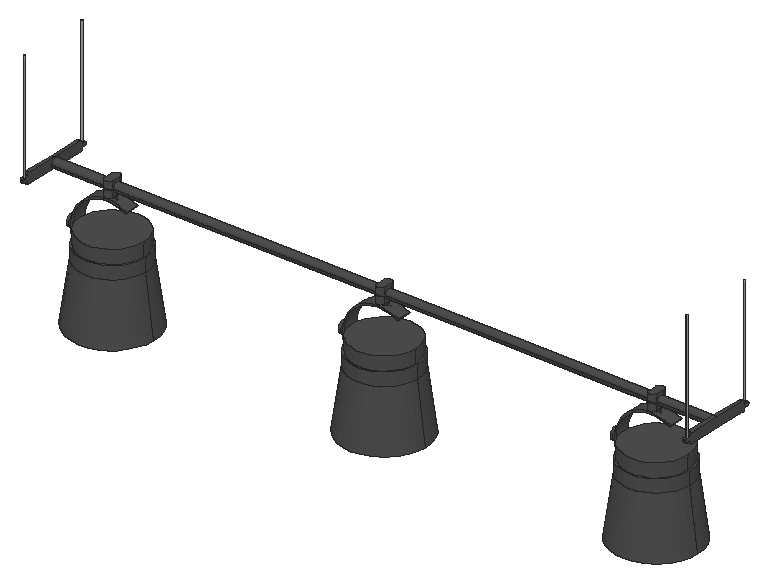
Revit family "Lighting_Pendants_Zero_Ginza_Horizontal_Pendant", category Lighting Fixtures, Revit 2020 (continued)
Definition of nested family "Ginza.light2"
  Parameters (values of type "Ginza.light2")
    Default Elevation = 0 mm
    Color Filter = 16777215
    built-in parameter 1114218 = 1 (stored number, unit not read)
    built-in parameter 1150133 = 10 (stored number, unit not read)
  Reference planes
    plane 1 "Light Source Axis (F/B)": y = 0
    plane 2: z = 0
    plane 3 "Light Source Axis (L/R)": x = 118.014
    plane 4 "Light Source Elevation": z = 1
    plane 5: z = 118.988
    plane 6: z = 224.976
  Forms (mm)
    Revolve 1, solid, material <- "SecondaryMaterial"
      sketch origin (117.989, 0.443, 243) x (0, -1, 0) y (0, 0, 1)
        loop
          line (-7.221, -40.784) -> (0.468, -40.784) -> (0.468, -31.024) -> (-5.995, -31.024) -> (-5.995, -37.196) -> (-10.809, -37.196) -> (-7.221, -40.784)
        axis (0.468, -31.024) -> (0.468, -40.784)
      angle from 0 to 360
    Extrusion 2, solid, material <- "SecondaryMaterial"
      sketch origin (118.014, -0.026, 211.976) x (-1, 0, 0) y (0, -1, 0)
        loop
          arc (-7.5, 7.5) -> (-15, 0) -> (-7.5, -7.5) r 7.5
          line (-7.5, -7.5) -> (7.5, -7.5)
          arc (7.5, -7.5) -> (15, 0) -> (7.5, 7.5) r 7.5
          line (7.5, 7.5) -> (-7.5, 7.5)
      from 0 to 12.5
    Extrusion 3, solid, material <- "SecondaryMaterial"
      sketch origin (118.014, -0.026, 211.976) x (-1, 0, 0) y (0, -1, 0)
        loop
          arc (-7.5, 7.5) -> (-15, 0) -> (-7.5, -7.5) r 7.5
          line (-7.5, -7.5) -> (7.5, -7.5)
          arc (7.5, -7.5) -> (15, 0) -> (7.5, 7.5) r 7.5
          line (7.5, 7.5) -> (-7.5, 7.5)
      from 26 to 13.5
    Extrusion 4, void
      sketch origin (118.014, -0.026, 237.525) x (1, 0, 0) y (0, 0, 1)
        loop
          circle (0, -12.5) r 8
      from -20.292 to 22.945
    Sweep 5, solid, material <- "MainMaterial"
      path origin (42.55, -0.026, 243) x (0, -1, 0) y (0, 0, 1)
        loop
          line (-63.032, -111.674) -> (-63.035, -98.584)
          arc (-63.035, -98.584) -> (-44.82, -54.651) -> (-0.855, -36.515) r 62.055
          arc (-0.855, -36.515) -> (17.516, -38.894) -> (34.703, -45.805) r 73.258
      profile origin (42.55, 63.008, 137.871) x (0, 1, -0.000233) y (-1, 0, 0)
        loop
          line (1.492, -87.965) -> (1.492, -62.964) -> (-1.498, -62.964) -> (-1.498, -87.965) -> (1.492, -87.965)
    Revolve 6, solid, material <- "MainMaterial"
      sketch origin (118.019, -0.03, 243) x (0, -1, 0) y (0, 0, 1)
        loop
          line (-56.329, -100) -> (-56.329, -92.519) -> (-63.148, -92.519) -> (-63.148, -93.518) -> (-66.531, -93.518) -> (-66.531, -96.5) -> (-70.032, -96.5) -> (-70.032, -90) -> (-74.536, -90) -> (-74.536, -100) -> (-63.148, -100) -> (-56.329, -100)
        axis (-74.536, -100) -> (-56.329, -100)
      angle from 0 to 360
    Extrusion 7, solid, material <- "MainMaterial"
      sketch origin (42.55, -0.026, 0) x (-1, 0, 0) y (0, -1, 0)
        loop
          circle (-75.439, 0) r 57
      from 153 to 129
    Extrusion 8, solid, material <- "MainMaterial"
      sketch origin (42.55, -0.026, 0) x (-1, 0, 0) y (0, -1, 0)
        loop
          circle (-75.439, 0) r 60.5
      from 129 to 106
    Blend 9, solid, material <- "MainMaterial"
      base sketch origin (42.55, -0.026, 0) x (-1, 0, 0) y (0, -1, 0)
        loop
          circle (-75.439, 0) r 75
      top sketch origin (42.55, -0.026, 0) x (-1, 0, 0) y (0, -1, 0)
        loop
          circle (-75.439, 0) r 60.5
      from 0 to 106
    Blend 10, void
      base sketch origin (42.55, -0.026, 0) x (-1, 0, 0) y (0, -1, 0)
        loop
          circle (-75.439, 0) r 73
      top sketch origin (42.55, -0.026, 0) x (-1, 0, 0) y (0, -1, 0)
        loop
          circle (-75.439, 0) r 58.5
      from 0 to 106
    Extrusion 11, solid, material <- "LensMaterial"
      sketch origin (42.546, -0.026, 0) x (-1, 0, 0) y (0, -1, 0)
        loop
          circle (-75.439, 0) r 73
      from 4 to 1
    Extrusion 12, void
      sketch origin (42.55, -0.026, 0) x (-1, 0, 0) y (0, -1, 0)
        loop
          circle (-135.196, -34.497) r 3
        loop
          circle (-75.435, 69) r 3
        loop
          circle (-15.685, -34.503) r 3
      from 4 to 1
  Cuts and joins
    Extrusion 4 cuts Extrusion 2
    Extrusion 4 cuts Extrusion 3
    joined: Revolve 1, Extrusion 2, Extrusion 3
    Blend 10 cuts Blend 9
    joined: Sweep 5, Revolve 6, Extrusion 7, Extrusion 8, Blend 9
    Extrusion 12 cuts Extrusion 11
  Lines and regions (mm)
    symbolic lines, detail levels medium+fine
      curve 1: arc (117.989, -75.026, 0) -> (42.989, -0.026, 0) -> (117.989, 74.974, 0) r 75
      curve 2: arc (117.989, 74.974, 0) -> (192.989, -0.026, 0) -> (117.989, -75.026, 0) r 75
    symbolic lines, detail levels fine
      curve 3: arc (105.514, 59.174, 0) -> (57.814, -6.297, 0) -> (117.989, -60.526, 0) r 60.5
      curve 4: arc (117.989, -60.526, 0) -> (178.16, -6.323, 0) -> (130.515, 59.163, 0) r 60.5
      curve 5: arc (117.989, -57.026, 0) -> (174.639, -6.327, 0) -> (130.515, 55.581, 0) r 57
      curve 6: arc (105.514, 55.592, 0) -> (61.335, -6.301, 0) -> (117.989, -57.026, 0) r 57
      curve 7: line (130.515, -35.399, 0) -> (105.514, -35.399, 0)
      curve 8: line (105.514, -35.399, 0) -> (105.514, -5.615, 0)
      curve 9: line (130.515, -35.399, 0) -> (130.515, -5.615, 0)
      curve 10: arc (110.514, 7.474, 0) -> (103.014, -0.026, 0) -> (110.514, -7.526, 0) r 7.5
      curve 11: line (125.514, 7.474, 0) -> (110.514, 7.474, 0)
      curve 12: arc (125.514, -7.526, 0) -> (133.014, -0.026, 0) -> (125.514, 7.474, 0) r 7.5
      curve 13: line (110.514, -7.526, 0) -> (125.514, -7.526, 0)
      curve 14: line (105.514, -9.798, 0) -> (130.515, -9.798, 0)
      curve 15: line (105.514, -24.031, 0) -> (130.515, -24.031, 0)
      curve 16: line (105.514, 64.498, 0) -> (130.515, 64.498, 0)
      curve 17: line (118.019, 66.502, 0) -> (111.537, 66.502, 0)
      curve 18: line (124.501, 66.502, 0) -> (118.019, 66.502, 0)
      curve 19: line (128.019, 70.002, 0) -> (118.019, 70.002, 0)
      curve 20: line (118.019, 70.002, 0) -> (108.019, 70.002, 0)
      curve 21: line (108.019, 70.002, 0) -> (108.019, 74.309, 0)
      curve 22: line (128.019, 70.002, 0) -> (128.019, 74.301, 0)
      curve 23: line (114.519, 70.002, 0) -> (114.519, 66.502, 0)
      curve 24: line (121.519, 70.002, 0) -> (121.519, 66.502, 0)
      curve 25: line (111.537, 66.502, 0) -> (111.537, 64.498, 0)
      curve 26: line (124.501, 66.502, 0) -> (124.501, 64.498, 0)
      curve 27: line (105.514, 64.498, 0) -> (105.514, 5.564, 0)
      curve 28: line (130.515, 64.498, 0) -> (130.515, 5.564, 0)
  Dimensions and locks
    aligned and locked: plane 3 "Light Source Axis (L/R)" to imposter light
    aligned and locked: plane 1 "Light Source Axis (F/B)" to imposter light
    aligned and locked: plane 4 "Light Source Elevation" to imposter light
    aligned and locked: level to plane 2
Types (6, lengths in mm): name | ModelReference | Model | LightFixtureSecondaryMaterial | LightFixtureMainMaterial | Features | DimmingType | Color | ArticleNumber
  Ginza horizontal 3 x LED 620LM/10W white dimmable | "8430-1-01HFF" | "Ginza horizontal 3 x LED 620LM/10W white dimmable" | White aluminium | White aluminium | "Terminal block 5x4mm² in ceiling cup. Adjustable spotlights. Dimmable DALI or SwitchDim. 2,5 m wire" | "Dimmable DALI or SwitchDim." | "White" | "8430-1-01HFF"
  Ginza horizontal 3 x LED 620LM/10W white | "8430-1-01" | "Ginza horizontal 3 x LED 620LM/10W white" | White aluminium | White aluminium | "Terminal block 3x2,5mm² in ceiling cup. Adjustable spotlights. 2,5 m wire" | "n/a" | "White" | "8430-1-01"
  Ginza horizontal 3 x LED 620LM/10W black | "8430-1-06" | "Ginza horizontal 3 x LED 620LM/10W black" | Black aluminium | Black aluminium | "Terminal block 3x2,5mm² in ceiling cup. Adjustable spotlights. 2,5 m wire" | "n/a" | "Black" | "8430-1-06"
  Ginza horizontal 3 x LED 620LM/10W black dimmable | "8430-1-06HFF" | "Ginza horizontal 3 x LED 620LM/10W black dimmable" | Black aluminium | Black aluminium | "Terminal block 5x4mm² in ceiling cup. Adjustable spotlights. Dimmable DALI or SwitchDim. 2,5 m wire" | "Dimmable DALI or SwitchDim." | "Black" | "8430-1-06HFF"
  Ginza horizontal 3 x LED 620LM/10W orange dimmable | "8430-1-41HFF" | "Ginza horizontal 3 x LED 620LM/10W orange dimmable" | Black aluminium | Orange aluminium | "Terminal block 5x4mm² in ceiling cup. Adjustable spotlights. Dimmable DALI or SwitchDim. 2,5 m wire" | "Dimmable DALI or SwitchDim." | "Orange & black" | "8430-1-41HFF"
  Ginza horizontal 3 x LED 620LM/10W orange | "8430-1-41" | "Ginza horizontal 3 x LED 620LM/10W orange" | Black aluminium | Orange aluminium | "Terminal block 3x2,5mm² in ceiling cup. Adjustable spotlights. 2,5 m wire" | "n/a" | "Orange & black" | "8430-1-41"
